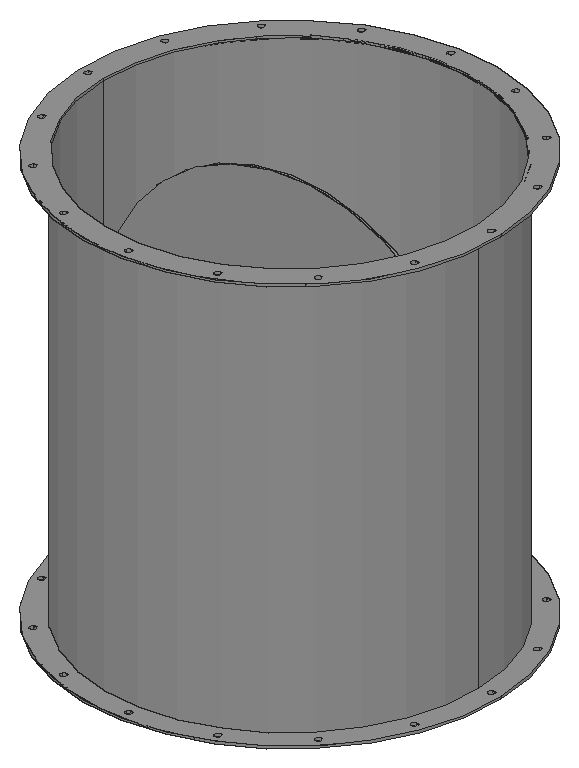
Revit family "КОМ1-ВО_Eng", category Duct Accessories, Revit 2021
Family settings
  Round Connector Dimension = Use Diameter
  Part Type = Attaches To
  Work Plane-Based = No
  Always vertical = Yes
  Cut with Voids When Loaded = No
  Shared = No
Parameters (values of type "KOM1-VO-900")
  Weight = 53.70 kg
  Load Classification = "HVAC"  # constant formula
  Length = L  # 1000 mm
  Diameter = D2  # 1015 mm
  Default Elevation = 0 mm
  Casing Material = Metal, painted, blue, matte RAL 5007
  Manufacturer = "Vents"  # constant formula
  t = L - 5 mm  # 995 mm
  n = 16
  l = L / 2  # 500 mm
  d = 15 mm
  URL = "https://ventilation-system.com/series/kom1-vo"
  R1 = D1 / 2  # 485 mm
  Maintenance zone material = none
  L = 1000 mm
  Dy = 900 mm
  Dn = Dy + 10 mm  # 910 mm
  D2 = 1015 mm
  D1 = 970 mm
  09_System_Name [instance] = ""
  00_20_Type = "KOM1-VO-900"
  00_20_Name = "Backdraft damper"  # constant formula
  00_20_Manufacturer = "Vents"  # constant formula
Types (12, lengths in mm): name | Weight | Length | Diameter | t | n | l | d | R1 | L | Dy | Dn | D2 | D1 | 00_20_Type
  (no name) | 53.70 kg | 1000 | 1015 | 995 | 16 | 500 | 15 | 485 | 1000 | 900 | 910 | 1015 | 970 | "KOM1-VO-900"
  KOM1-VO-400 | 8.10 kg | 500 | 490 | 495 | 12 | 250 | 8 | 225.045 | 500 | 400 | 410 | 490 | 450.09 | "KOM1-VO-400"
  KOM1-VO-450 | 9.80 kg | 550 | 540 | 545 | 12 | 275 | 8 | 250 | 550 | 450 | 460 | 540 | 500 | "KOM1-VO-450"
  KOM1-VO-500 | 14.40 kg | 600 | 600 | 595 | 12 | 300 | 12 | 280 | 600 | 500 | 510 | 600 | 560 | "KOM1-VO-500"
  KOM1-VO-560 | 17.50 kg | 660 | 660 | 655 | 12 | 330 | 12 | 310 | 660 | 560 | 570 | 660 | 620 | "KOM1-VO-560"
  KOM1-VO-630 | 21.40 kg | 730 | 730 | 725 | 12 | 365 | 12 | 345 | 730 | 630 | 640 | 730 | 690 | "KOM1-VO-630"
  KOM1-VO-710 | 26.80 kg | 810 | 810 | 805 | 16 | 405 | 12 | 385 | 810 | 710 | 720 | 810 | 770 | "KOM1-VO-710"
  KOM1-VO-800 | 33.20 kg | 900 | 900 | 895 | 16 | 450 | 12 | 430 | 900 | 800 | 810 | 900 | 860 | "KOM1-VO-800"
  KOM1-VO-900 | 53.70 kg | 1000 | 1015 | 995 | 16 | 500 | 15 | 485 | 1000 | 900 | 910 | 1015 | 970 | "KOM1-VO-900"
  KOM1-VO-1000 | 65.00 kg | 1100 | 1115 | 1095 | 16 | 550 | 15 | 535 | 1100 | 1000 | 1010 | 1115 | 1070 | "KOM1-VO-1000"
  KOM1-VO-1120 | 82.10 kg | 1220 | 1270 | 1215 | 20 | 610 | 15 | 595 | 1220 | 1120 | 1130 | 1270 | 1190 | "KOM1-VO-1120"
  KOM1-VO-1250 | 100.30 kg | 1350 | 1400 | 1345 | 20 | 675 | 15 | 660 | 1350 | 1250 | 1260 | 1400 | 1320 | "KOM1-VO-1250"
Reference planes
  plane 1 "По центру (Вперед/Назад)": y = 0
  plane 2: z = 0
  plane 3 "По центру (Влево/Вправо)": x = 0
  plane 4: z = 1000
Forms (mm)
  Extrusion 1, solid, material "Metal, painted, blue, matte RAL 5007" <- "Casing Material"
    sketch origin (0, 0, 0) x (1, 0, 0) y (0, 1, 0)
      loop
        circle (0, 0) r 450
      loop
        circle (0, 0) r 507.5
    from 0 to 5
  Extrusion 2, void
    sketch origin (0, 263.787, 0) x (1, 0, 0) y (0, 1, 0)
      loop
        circle (0, 221.213) r 7.5
    from 0 to 5
  Extrusion 3, void
    sketch origin (100.947, 243.708, 0) x (0.92388, -0.382683, 0) y (0.382683, 0.92388, 0)
      loop
        circle (0, 221.213) r 7.5
    from 0 to 5
  Extrusion 4, void
    sketch origin (-100.947, 243.708, 0) x (0.92388, 0.382683, 0) y (-0.382683, 0.92388, 0)
      loop
        circle (0, 221.213) r 7.5
    from 0 to 5
  Extrusion 5, void
    sketch origin (-186.526, 186.526, 0) x (0.707107, 0.707107, 0) y (-0.707107, 0.707107, 0)
      loop
        circle (0, 221.213) r 7.5
    from 0 to 5
  Extrusion 6, void
    sketch origin (-243.708, 100.947, 0) x (0.382683, 0.92388, 0) y (-0.92388, 0.382683, 0)
      loop
        circle (0, 221.213) r 7.5
    from 0 to 5
  Extrusion 7, void
    sketch origin (-263.787, 0, 0) x (0, 1, 0) y (-1, 0, 0)
      loop
        circle (0, 221.213) r 7.5
    from 0 to 5
  Extrusion 8, void
    sketch origin (-243.708, -100.947, 0) x (-0.382683, 0.92388, 0) y (-0.92388, -0.382683, 0)
      loop
        circle (0, 221.213) r 7.5
    from 0 to 5
  Extrusion 9, void
    sketch origin (-186.526, -186.526, 0) x (-0.707107, 0.707107, 0) y (-0.707107, -0.707107, 0)
      loop
        circle (0, 221.213) r 7.5
    from 0 to 5
  Extrusion 10, void
    sketch origin (-100.947, -243.708, 0) x (-0.92388, 0.382683, 0) y (-0.382683, -0.92388, 0)
      loop
        circle (0, 221.213) r 7.5
    from 0 to 5
  Extrusion 11, void
    sketch origin (0, -263.787, 0) x (-1, 0, 0) y (0, -1, 0)
      loop
        circle (0, 221.213) r 7.5
    from 0 to 5
  Extrusion 12, void
    sketch origin (100.947, -243.708, 0) x (-0.92388, -0.382683, 0) y (0.382683, -0.92388, 0)
      loop
        circle (0, 221.213) r 7.5
    from 0 to 5
  Extrusion 13, void
    sketch origin (186.526, -186.526, 0) x (-0.707107, -0.707107, 0) y (0.707107, -0.707107, 0)
      loop
        circle (0, 221.213) r 7.5
    from 0 to 5
  Extrusion 14, solid, material "Metal, painted, blue, matte RAL 5007" <- "Casing Material"
    sketch origin (0, 0, 0) x (1, 0, 0) y (0, 1, 0)
      loop
        circle (0, 0) r 450
      loop
        circle (0, 0) r 455
    from 5 to 995 <- "t"
  Extrusion 15, solid, material "Metal, painted, blue, matte RAL 5007" <- "Casing Material"
    sketch origin (0, 0, 0) x (1, 0, 0) y (0, 1, 0)
      loop
        circle (0, 0) r 450
      loop
        circle (0, 0) r 507.5
    from 995 to 1000
  Extrusion 16, void
    sketch origin (0, 263.053, 0) x (1, 0, 0) y (0, 1, 0)
      loop
        circle (0, 221.947) r 7.5
    from 995 <- "t" to 1000 <- "L"
  Extrusion 17, void
    sketch origin (100.666, 243.03, 0) x (0.92388, -0.382683, 0) y (0.382683, 0.92388, 0)
      loop
        circle (0, 221.947) r 7.5
    from 995 <- "t" to 1000 <- "L"
  Extrusion 18, void
    sketch origin (-100.666, 243.03, 0) x (0.92388, 0.382683, 0) y (-0.382683, 0.92388, 0)
      loop
        circle (0, 221.947) r 7.5
    from 995 <- "t" to 1000 <- "L"
  Extrusion 19, void
    sketch origin (-186.007, 186.007, 0) x (0.707107, 0.707107, 0) y (-0.707107, 0.707107, 0)
      loop
        circle (0, 221.947) r 7.5
    from 995 <- "t" to 1000 <- "L"
  Extrusion 20, void
    sketch origin (-243.03, 100.666, 0) x (0.382683, 0.92388, 0) y (-0.92388, 0.382683, 0)
      loop
        circle (0, 221.947) r 7.5
    from 995 <- "t" to 1000 <- "L"
  Extrusion 21, void
    sketch origin (-263.053, 0, 0) x (0, 1, 0) y (-1, 0, 0)
      loop
        circle (0, 221.947) r 7.5
    from 995 <- "t" to 1000 <- "L"
  Extrusion 22, void
    sketch origin (-243.03, -100.666, 0) x (-0.382683, 0.92388, 0) y (-0.92388, -0.382683, 0)
      loop
        circle (0, 221.947) r 7.5
    from 995 <- "t" to 1000 <- "L"
  Extrusion 23, void
    sketch origin (-186.007, -186.007, 0) x (-0.707107, 0.707107, 0) y (-0.707107, -0.707107, 0)
      loop
        circle (0, 221.947) r 7.5
    from 995 <- "t" to 1000 <- "L"
  Extrusion 24, void
    sketch origin (-100.666, -243.03, 0) x (-0.92388, 0.382683, 0) y (-0.382683, -0.92388, 0)
      loop
        circle (0, 221.947) r 7.5
    from 995 <- "t" to 1000 <- "L"
  Extrusion 25, void
    sketch origin (0, -263.053, 0) x (-1, 0, 0) y (0, -1, 0)
      loop
        circle (0, 221.947) r 7.5
    from 995 <- "t" to 1000 <- "L"
  Extrusion 26, void
    sketch origin (100.666, -243.03, 0) x (-0.92388, -0.382683, 0) y (0.382683, -0.92388, 0)
      loop
        circle (0, 221.947) r 7.5
    from 995 <- "t" to 1000 <- "L"
  Extrusion 27, void
    sketch origin (186.007, -186.007, 0) x (-0.707107, -0.707107, 0) y (0.707107, -0.707107, 0)
      loop
        circle (0, 221.947) r 7.5
    from 995 <- "t" to 1000 <- "L"
  Extrusion 28, solid, material "Metal, painted, blue, matte RAL 5007" <- "Casing Material"
    sketch origin (0, 0, 0) x (1, 0, 0) y (0, 0, 1)
      loop
        line (-450, 500) -> (450, 500)
        arc (450, 500) -> (0, 950) -> (-450, 500) r 450
    from 2.5 to -2.5
  Extrusion 29, solid, material "Metal, painted, blue, matte RAL 5007" <- "Casing Material"
    sketch origin (0, 0, 0) x (1, 0, 0) y (0, 0, 1)
      loop
        arc (-450, 500) -> (0, 50) -> (450, 500) r 450
        line (450, 500) -> (-450, 500)
    from 2.5 to -2.5
  Extrusion 30, void
    sketch origin (243.708, -100.947, 0) x (-0.382683, -0.92388, 0) y (0.92388, -0.382683, 0)
      loop
        circle (0, 221.213) r 7.5
    from 0 to 5
  Extrusion 31, void
    sketch origin (263.787, 0, 0) x (0, -1, 0) y (1, 0, 0)
      loop
        circle (0, 221.213) r 7.5
    from 0 to 5
  Extrusion 32, void
    sketch origin (243.708, 100.947, 0) x (0.382683, -0.92388, 0) y (0.92388, 0.382683, 0)
      loop
        circle (0, 221.213) r 7.5
    from 0 to 5
  Extrusion 33, void
    sketch origin (186.526, 186.526, 0) x (0.707107, -0.707107, 0) y (0.707107, 0.707107, 0)
      loop
        circle (0, 221.213) r 7.5
    from 0 to 5
  Extrusion 34, void
    sketch origin (243.03, -100.666, 0) x (-0.382683, -0.92388, 0) y (0.92388, -0.382683, 0)
      loop
        circle (0, 221.947) r 7.5
    from 995 <- "t" to 1000 <- "L"
  Extrusion 35, void
    sketch origin (263.053, 0, 0) x (0, -1, 0) y (1, 0, 0)
      loop
        circle (0, 221.947) r 7.5
    from 995 <- "t" to 1000 <- "L"
  Extrusion 36, void
    sketch origin (243.03, 100.666, 0) x (0.382683, -0.92388, 0) y (0.92388, 0.382683, 0)
      loop
        circle (0, 221.947) r 7.5
    from 995 <- "t" to 1000 <- "L"
  Extrusion 37, void
    sketch origin (186.007, 186.007, 0) x (0.707107, -0.707107, 0) y (0.707107, 0.707107, 0)
      loop
        circle (0, 221.947) r 7.5
    from 995 <- "t" to 1000 <- "L"
Cuts and joins
  Extrusion 2, Extrusion 3, Extrusion 4, Extrusion 5, Extrusion 6, Extrusion 7, Extrusion 8, Extrusion 9, Extrusion 10, Extrusion 11, Extrusion 12, Extrusion 13, Extrusion 30, Extrusion 31, Extrusion 32, Extrusion 33 cuts Extrusion 1
  Extrusion 16, Extrusion 17, Extrusion 18, Extrusion 19, Extrusion 20, Extrusion 21, Extrusion 22, Extrusion 23, Extrusion 24, Extrusion 25, Extrusion 26, Extrusion 27, Extrusion 34, Extrusion 35, Extrusion 36, Extrusion 37 cuts Extrusion 15
Dimensions and locks
  "L": level to plane 4
  locked: Extrusion 1 to Extrusion 1 at 5
  locked: Extrusion 15 to Extrusion 15 at 5
  "l": Extrusion 28 sketch curve to level
  equal spacing: level, Extrusion 29 sketch curve, plane 4
  "Dy": diameter of Extrusion 1 sketch curve
  "D2": diameter of Extrusion 1 sketch curve
  "d": diameter of Extrusion 2 sketch curve
  "d": diameter of Extrusion 3 sketch curve
  "d": diameter of Extrusion 4 sketch curve
  "d": diameter of Extrusion 5 sketch curve
  "d": diameter of Extrusion 6 sketch curve
  "d": diameter of Extrusion 7 sketch curve
  "d": diameter of Extrusion 8 sketch curve
  "d": diameter of Extrusion 9 sketch curve
  "d": diameter of Extrusion 10 sketch curve
  "d": diameter of Extrusion 11 sketch curve
  "d": diameter of Extrusion 12 sketch curve
  "d": diameter of Extrusion 13 sketch curve
  "R1": radius of radial array  (x2)
  "Dn": diameter of Extrusion 14 sketch curve
  "Dy": diameter of Extrusion 14 sketch curve
  "Dy": diameter of Extrusion 15 sketch curve
  "D2": diameter of Extrusion 15 sketch curve
  "d": diameter of Extrusion 16 sketch curve
  "d": diameter of Extrusion 17 sketch curve
  "d": diameter of Extrusion 18 sketch curve
  "d": diameter of Extrusion 19 sketch curve
  "d": diameter of Extrusion 20 sketch curve
  "d": diameter of Extrusion 21 sketch curve
  "d": diameter of Extrusion 22 sketch curve
  "d": diameter of Extrusion 23 sketch curve
  "d": diameter of Extrusion 24 sketch curve
  "d": diameter of Extrusion 25 sketch curve
  "d": diameter of Extrusion 26 sketch curve
  "d": diameter of Extrusion 27 sketch curve
  "Dy": diameter of Extrusion 28 sketch curve
  "Dy": diameter of Extrusion 29 sketch curve
  "d": diameter of Extrusion 30 sketch curve
  "d": diameter of Extrusion 31 sketch curve
  "d": diameter of Extrusion 32 sketch curve
  "d": diameter of Extrusion 33 sketch curve
  "d": diameter of Extrusion 34 sketch curve
  "d": diameter of Extrusion 35 sketch curve
  "d": diameter of Extrusion 36 sketch curve
  "d": diameter of Extrusion 37 sketch curve
  aligned and locked: level to plane 2
  aligned and locked: Extrusion 14 to cut or joined group 1 (Extrusion 1, Extrusion 2, Extrusion 3, Extrusion 4, Extrusion 5, Extrusion 6, Extrusion 7, Extrusion 8, Extrusion 9, Extrusion 10, Extrusion 11, Extrusion 12, Extrusion 13, Extrusion 30, Extrusion 31, Extrusion 32, Extrusion 33)
  aligned and locked: plane 4 to Extrusion 15
Automatic sketch dimensions
  Extrusion 1 sketch curve to Extrusion 1 sketch curve = 0 mm  (x2)
  plane 1 "По центру (Вперед/Назад)" to Extrusion 1 sketch curve = 0 mm
  Extrusion 1 sketch curve to plane 3 "По центру (Влево/Вправо)" = 0 mm
  Extrusion 14 sketch curve to Extrusion 14 sketch curve = 0 mm  (x2)
  plane 1 "По центру (Вперед/Назад)" to Extrusion 14 sketch curve = 0 mm
  Extrusion 14 sketch curve to plane 3 "По центру (Влево/Вправо)" = 0 mm
  Extrusion 15 sketch curve to Extrusion 15 sketch curve = 0 mm  (x2)
  plane 1 "По центру (Вперед/Назад)" to Extrusion 15 sketch curve = 0 mm
  Extrusion 15 sketch curve to plane 3 "По центру (Влево/Вправо)" = 0 mm
  Extrusion 28 sketch curve to plane 3 "По центру (Влево/Вправо)" = 0 mm
  Extrusion 29 sketch curve to plane 3 "По центру (Влево/Вправо)" = 0 mm
Connectors
  hvac at (0, 0, 0), driven by "Dy"
    settings: on cut or joined group 1, index 2, duct flow 0.0 L/s, flow factor 0, pres drop 0.0 Pa, loss coef 0, conn angle 0.00°, conn width 304.8 mm, conn height 304.8 mm, conn diameter 900 mm, duct sys type 3, conn prof type 0, flow config 0, flow direction 0, loss method 0, conn ref index -1, conn util no, is conn primary yes, conn desc ""
  hvac at (0, 0, 1000), driven by "Dy"
    settings: on cut or joined group of Extrusion 15, Extrusion 16, Extrusion 17, Extrusion 18, Extrusion 19, Extrusion 20, Extrusion 21, Extrusion 22, Extrusion 23, Extrusion 24, Extrusion 25, Extrusion 26, Extrusion 27, Extrusion 34, Extrusion 35, Extrusion 36, Extrusion 37, index 3, duct flow 0.0 L/s, flow factor 0, pres drop 0.0 Pa, loss coef 0, conn angle 0.00°, conn width 304.8 mm, conn height 304.8 mm, conn diameter 900 mm, duct sys type 3, conn prof type 0, flow config 0, flow direction 0, loss method 0, conn ref index -1, conn util no, is conn primary no, conn desc ""
